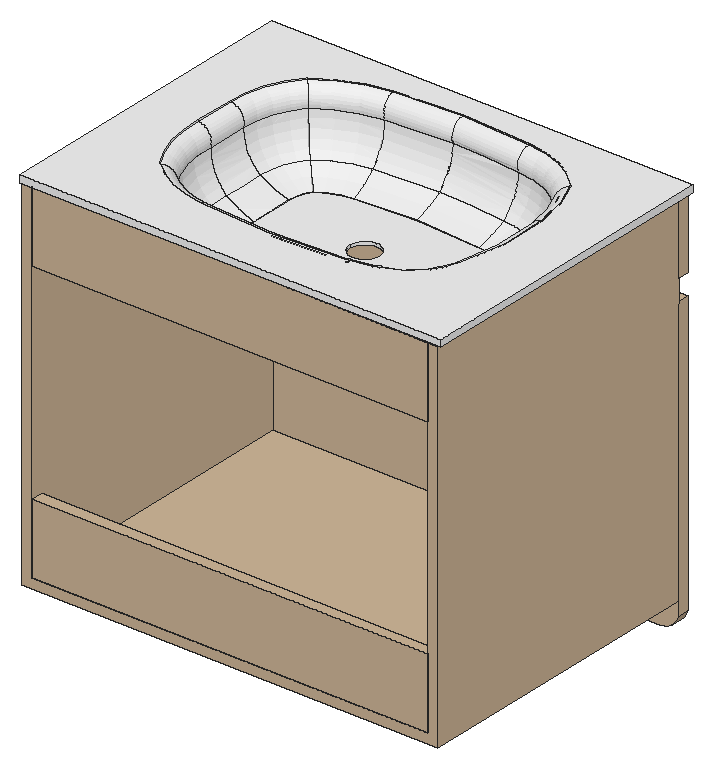
Revit family "614401711_ Mueble Aluvia Miel Elevado 60x45", category Modelos genéricos, Revit 2019
Family settings
  Anfitrión = Muro
  Puede alojar armadura = No
  Cota de conector redondo = Diámetro de uso
  Tipo de pieza = Normal
  Número OmniClass = 23.31.13.11
  Título OmniClass = Single Sinks
  Siempre vertical = Sí
  Corte con vacíos al cargar = No
  Compartido = No
  Punto de cálculo de habitación = No
Parameters (values of type "Ref. 614401711 Mueble Elevado Aluvia Miel Con Lavamanos.")
  URL = "https://corona.co/productos/muebles-para-banos/mueble-aluvia-elevado/p/614401711"
  Tiempo de Armado = "80 Minutos."  # constant formula
  Textura = "Habano: Poro - Gris: Soft."  # constant formula
  Resistencia al rayado = "700 ciclos."  # constant formula
  Resistencia a la humedad = "8%."  # constant formula
  Profundidad = 445 mm
  Peso Neto aprox = "26,0 lb (11,8 kg)."  # constant formula
  Peso Bruto aprox = "27,8 lb (12,6 kg)."  # constant formula
  Material Piezas interiores = Corona_Madera_Aglomerada_Plomo
  Material = Corona_Madera_Aglomerada_Miel
  Fabricante = "Corona"  # constant formula
  Garantía Madera = "1 año"  # constant formula
  Garantía Herrajes = "1 año"  # constant formula
  Fecha de creación = "22/07/2020"  # constant formula
  Dimensiones Generales (H* W * P) = "21,85” x 23,46” x 17,52” (555 x 596 x 445 mm)."  # constant formula
  Descripción = "La línea ALUVIA viene a entregar de manera asequible una solución perfecta que combina\r\ndiseño y funcionalidad, ALUVIA se inspira en el movimiento y caída del agua en la\r\nnaturaleza, es por ello de sus formas orgánicas donde podemos obtener un producto\r\ncompacto y de líneas fluidas, que se adapta en espacios pequeños.\r\nEl principal beneficio de los muebles de esta línea es ser un producto compacto que brinda\r\nal consumidor máxima capacidad de almacenamiento e ideal para espacios pequeños.\r\n· Mueble compacto para espacios medianos.\r\n· Lavamanos 100% en porcelana.\r\n· Grán capacidad de almacenamiento.\r\n· Resistentes a la Humedad."  # constant formula
  Densidad = "15mm 670 kg./m^3."  # constant formula
  Creado por = "IDD"  # constant formula
  Carga Máxima = "110,2 lb (50 kg)."  # constant formula
  Canto = "PVC rígido 2 mm de calibre.\r\nPVC Flexible 0,5 mm de calibre."  # constant formula
  Ancho = 595 mm
  Alto = 850 mm
Types (2, lengths in mm): name | URL | Material
  Ref. 614401711 Mueble Elevado Aluvia Miel Con Lavamanos. | "https://corona.co/productos/muebles-para-banos/mueble-aluvia-elevado/p/614401711" | Corona_Madera_Aglomerada_Miel
  Ref. 614406091 Mueble Elevado Aluvia Habano Con Lavamanos. | "https://corona.co/productos/muebles-para-banos/mueble-aluvia-a-piso/p/604406091" | Corona_Madera_Aglomerada_Habano
Reference planes
  plane 1 "Wall": y = 0
  plane 2 "Center (Left/Right)": x = 125
  plane 3 "Back": y = 75
  plane 4: y = 520
  plane 5: x = -172.5
  plane 6: x = 422.5
  plane 7: z = 850
  plane 8: z = 749
  plane 9: z = 719
  plane 10: y = 505
  plane 11: z = 295
  plane 12: x = 407.5
  plane 13: x = -157.5
  plane 14: y = 495
  plane 15: y = 170
  plane 16: y = 155
  plane 17: x = 392.5
  plane 18: x = -142.5
  plane 19: x = -127.5
  plane 20: x = 377.5
  plane 21: x = 185
  plane 22: x = 65
  plane 23: z = 336
  plane 24: z = 351
Forms (mm)
  Extrusion 1, solid, material "Corona_Madera_Aglomerada_Miel" <- "Material"
    sketch origin (125, 0, 0) x (0, 1, 0) y (0, 0, 1)
      loop
        line (505, 850) -> (505, 749) -> (520, 749) -> (520, 850) -> (505, 850)
    from -297.5 to 297.5
  Extrusion 2, solid, material "Corona_Madera_Aglomerada_Miel" <- "Material"
    sketch origin (0, 0, 0) x (1, 0, 0) y (0, 0, 1)
      loop
        line (422.5, 336) -> (422.5, 850) -> (-172.5, 850) -> (-172.5, 336) -> (422.5, 336)
    from -505 to -75
  Extrusion 3, void
    sketch origin (0, 0, 0) x (1, 0, 0) y (0, 0, 1)
      loop
        line (407.5, 850) -> (-157.5, 850) -> (-157.5, 351) -> (407.5, 351) -> (407.5, 850)
    from -505 to -75
  Extrusion 4, solid, material "Corona_Madera_Aglomerada_Miel" <- "Material"
    sketch origin (125, 0, 0) x (0, 1, 0) y (0, 0, 1)
      loop
        line (90, 850) -> (75, 850) -> (75, 749) -> (90, 749) -> (90, 850)
    from -282.5 to 282.5
  Extrusion 5, solid, material "Corona_Madera_Aglomerada_Miel" <- "Material"
    sketch origin (125, 0, -448) x (0, 1, 0) y (0, 0, 1)
      loop
        line (90, 900) -> (75, 900) -> (75, 799) -> (90, 799) -> (90, 900)
    from -282.5 to 282.5
  Extrusion 6, solid, material "Corona_Madera_Aglomerada_Miel" <- "Material"
    sketch origin (0, 0, 0) x (1, 0, 0) y (0, 0, 1)
      loop
        line (125, 719) -> (125, 295) -> (395.244, 295)
        arc (395.244, 295) -> (412.182, 301.204) -> (422.5, 316) r 30
        line (422.5, 316) -> (422.5, 719) -> (125, 719)
    from -520 to -505
  Extrusion 7, solid, material "Corona_Madera_Aglomerada_Miel" <- "Material"
    sketch origin (250, 0, 0) x (-1, 0, 0) y (0, 0, -1)
      loop
        line (125, -719) -> (422.5, -719) -> (422.5, -316)
        arc (422.5, -316) -> (412.182, -301.204) -> (395.244, -295) r 30
        line (395.244, -295) -> (125, -295) -> (125, -719)
    from -520 to -505
  Extrusion 8, solid, material "Corona_Madera_Aglomerada_Plomo" <- "Material Piezas interiores"
    sketch origin (125, 5, 1167.8) x (0, 0, -1) y (0, 1, 0)
      loop
        line (472.8, 475) -> (472.8, 490) -> (373.8, 490) -> (373.8, 475) -> (472.8, 475)
    from -282.5 to 282.5
  Extrusion 9, solid, material "Corona_Madera_Aglomerada_Miel" <- "Material", detail levels coarse
    sketch origin (0, 0, 0) x (1, 0, 0) y (0, 0, 1)
      loop
        line (-172.5, 850) -> (-172.5, 295) -> (422.5, 295) -> (422.5, 850) -> (-172.5, 850)
    from -520 to -75
Cuts and joins
  Extrusion 3 cuts Extrusion 2
Text (mm)
  text "Placement Side" at (-1848.837, 1116.779, 0), in view "Ref. Level"
  text "Placement side" at (0, 1409.804, 2854.306), in view "Left"
  text "Placement side" at (0, 499.811, 2980.732), in view "Right"
Dimensions and locks
  locked: plane 3 "Back" to host wall
  equal spacing: plane 5, plane 2 "Center (Left/Right)", plane 6
  "Ancho": plane 5 to plane 6
  "Profundidad": plane 3 "Back" to plane 4
  "Alto": level to plane 7
  plane 8 to plane 7 = 101 mm
  plane 7 to level = 850 mm  (x2)
  plane 7 to plane 8 = 101 mm  (x2)
  plane 4 to host wall = 445 mm
  plane 4 to plane 10 = 15 mm
  plane 10 to plane 15 = 335 mm
  plane 10 to plane 16 = 350 mm
  plane 6 to plane 5 = 595 mm
  plane 8 to plane 9 = 30 mm
  host wall to plane 4 = 445 mm
  plane 9 to plane 11 = 424 mm
  plane 11 to plane 9 = 424 mm
  aligned and locked: plane 1 "Wall" to host wall
  aligned and locked: plane 8 to Extrusion 1 sketch curve
  aligned and locked: Extrusion 1 sketch curve to plane 4
  aligned and locked: Extrusion 2 sketch curve to plane 7
  aligned and locked: Extrusion 2 sketch curve to Extrusion 1
  aligned and locked: plane 6 to Extrusion 2 sketch curve
  aligned and locked: Extrusion 3 sketch curve to Extrusion 1
  aligned and locked: plane 13 to Extrusion 3 sketch curve
  aligned and locked: Extrusion 3 sketch curve to plane 12
  aligned and locked: plane 10 to Extrusion 3
  aligned and locked: Extrusion 3 to host wall
  aligned and locked: Extrusion 4 sketch curve to plane 8
  aligned and locked: plane 7 to Extrusion 4 sketch curve
  aligned and locked: Extrusion 4 sketch curve to host wall
  aligned and locked: Extrusion 4 to plane 13
  aligned and locked: plane 12 to Extrusion 4
  aligned and locked: Extrusion 5 to host wall
  aligned and locked: Extrusion 5 to plane 13
  aligned and locked: plane 12 to Extrusion 5
  aligned and locked: plane 2 "Center (Left/Right)" to Extrusion 6 sketch curve
  aligned and locked: Extrusion 6 sketch curve to plane 6
  aligned and locked: Extrusion 7 sketch curve to plane 2 "Center (Left/Right)"
  aligned and locked: plane 5 to Extrusion 7 sketch curve
  aligned and locked: plane 4 to Extrusion 7
  aligned and locked: Extrusion 7 to plane 10
  aligned and locked: plane 4 to Extrusion 6
  aligned and locked: Extrusion 6 to plane 10
  aligned and locked: plane 14 to Extrusion 8
  aligned and locked: Extrusion 9 sketch curve to Extrusion 1
  aligned and locked: Extrusion 9 sketch curve to plane 6
  aligned and locked: Extrusion 6 to plane 11
  aligned and locked: Extrusion 7 to Extrusion 6
  aligned and locked: Extrusion 7 to plane 11
  aligned and locked: plane 3 "Back" to Extrusion 5
  aligned and locked: plane 9 to Extrusion 6
  aligned and locked: plane 9 to Extrusion 7
  aligned and locked: Extrusion 3 to plane 24
  aligned and locked: Extrusion 5 to cut or joined group of Extrusion 2, Extrusion 3
  aligned and locked: Extrusion 9 to Extrusion 6
Automatic sketch dimensions
  Extrusion 1 sketch curve to plane 7 = 0 mm
  Extrusion 1 sketch curve to plane 10 = 0 mm
  Extrusion 4 sketch curve to Extrusion 4 sketch curve = 15 mm
  Extrusion 5 sketch curve to host wall = 0 mm
  host wall to Extrusion 5 sketch curve = 15 mm
  Extrusion 5 sketch curve to Extrusion 5 sketch curve = 101 mm
  Extrusion 8 sketch curve to plane 14 = 0 mm
  plane 8 to Extrusion 8 sketch curve = 45 mm
  Extrusion 8 sketch curve to plane 14 = 15 mm
  level to Extrusion 3 sketch curve = 351 mm
  level to Extrusion 5 sketch curve = 351 mm
  Extrusion 6 sketch curve to plane 11 = 0 mm
  plane 17 to Extrusion 6 sketch curve = 1.372 mm
  plane 17 to Extrusion 6 sketch curve = 2.744 mm
  plane 11 to Extrusion 6 sketch curve = 21 mm
  Extrusion 7 sketch curve to plane 11 = 0 mm
  plane 18 to Extrusion 7 sketch curve = 1.372 mm
  plane 18 to Extrusion 7 sketch curve = 2.744 mm
  Extrusion 7 sketch curve to plane 11 = 21 mm
  level to Extrusion 9 sketch curve = 295 mm
  Extrusion 9 sketch curve to plane 5 = 0 mm
  plane 11 to Extrusion 2 sketch curve = 41 mm
  Extrusion 6 sketch curve to plane 9 = 0 mm
  Extrusion 7 sketch curve to plane 9 = 0 mm
  Extrusion 8 sketch curve to plane 9 = 24 mm
Nested families
  nested 1: "Family3" at (125, 520, 0) x (-1, 0, 0) z (0, 0, 1), type "Family3"
  nested 2: "Family6" at (125.426, 525, 860) x (-1, 0, 0) z (0, 0, 1), type "Family6", detail levels medium+fine
  nested 3: "Family2" at (125, 75, 0) x (0, -1, 0) z (1, 0, 0), type "Family2"
  nested 4: "Familia4" at (125.128, 0, -3.208) x (1, 0, 0) z (0, -1, 0), type "Familia4"
Definition of nested family "Family6"
  Parameters (values of type "Family6")
    Material = none
    Manufacturer = "Corona"  # constant formula
    Fecha de creación = "21/07/2020"  # constant formula
    Creado por = "IDD"  # constant formula
    Alto = 124 mm
  Reference planes
    plane 1 "Center (Front/Back)": y = 0
    plane 2: z = 0
    plane 3 "Center (Left/Right)": x = 0
    plane 4: z = -124
    plane 5: x = -300
    plane 6: x = 300
    plane 7 "Center L/S": y = 450
  Forms (mm)
    Sweep 1, solid, material <- "Material"
      path origin (0, 0, 0) x (1, 0, 0) y (0, 1, 0)
        loop
          arc (-100.824, 374.741) -> (-137.716, 367.149) -> (-172.547, 352.814) r 201.216
          arc (-172.547, 352.814) -> (-194.245, 329.514) -> (-207.72, 300.667) r 102.196
          arc (-207.72, 300.667) -> (-220.123, 233.995) -> (-219.486, 166.181) r 351.33
          arc (-219.486, 166.181) -> (-210.946, 124.35) -> (-194.634, 84.895) r 224.286
          arc (-194.634, 84.895) -> (-151.333, 53.53) -> (-99.472, 40.52) r 141.159
          arc (-99.472, 40.52) -> (-49.817, 36.305) -> (0, 35.018) r 846.884
          arc (0, 35.018) -> (47.71, 36.535) -> (95.26, 40.738) r 846.884
          arc (95.26, 40.738) -> (144.14, 53.228) -> (187.978, 78.199) r 189.075
          arc (187.978, 78.199) -> (213.947, 121.956) -> (222.18, 172.168) r 137.177
          arc (222.18, 172.168) -> (221.915, 200.672) -> (222.488, 229.171) r 968.579
          arc (222.488, 229.171) -> (216.892, 283.034) -> (194.807, 332.48) r 171.794
          arc (194.807, 332.48) -> (152.978, 361.088) -> (104.176, 374.741) r 155.624
          arc (104.176, 374.741) -> (1.676, 380.346) -> (-100.824, 374.741) r 940.142
      profile origin (1.676, 380.346, 0) x (0, 1, 0) y (0, 0, 1)
        loop
          line (0, -5) -> (0, -0.962)
          arc (0, -0.962) -> (-15.38, -10.48) -> (-18.203, -28.345) r 21.695
          arc (-18.203, -28.345) -> (-24.212, -57.146) -> (-41.685, -80.817) r 68.918
          arc (-41.685, -80.817) -> (-61.172, -91.456) -> (-82.071, -98.946) r 142.834
          line (-82.071, -98.946) -> (-82.071, -103.088)
          arc (-82.071, -103.088) -> (-59.902, -95.27) -> (-39.265, -84.014) r 146.834
          arc (-39.265, -84.014) -> (-20.504, -58.653) -> (-14.21, -27.741) r 72.918
          arc (-14.21, -27.741) -> (-12.319, -13.113) -> (0, -5) r 17.695
    Extrusion 2, solid, material <- "Material"
      sketch origin (0, 0, 0) x (1, 0, 0) y (0, 1, 0)
        loop
          line (-300, 450) -> (-300, 0) -> (300, 0) -> (300, 450) -> (-300, 450)
        loop
          arc (-100.824, 374.741) -> (-137.716, 367.149) -> (-172.547, 352.814) r 201.216
          arc (-172.547, 352.814) -> (-194.245, 329.514) -> (-207.72, 300.667) r 102.196
          arc (-207.72, 300.667) -> (-220.123, 233.995) -> (-219.486, 166.181) r 351.33
          arc (-219.486, 166.181) -> (-210.946, 124.35) -> (-194.634, 84.895) r 224.286
          arc (-194.634, 84.895) -> (-151.333, 53.53) -> (-99.472, 40.52) r 141.159
          arc (-99.472, 40.52) -> (-49.817, 36.305) -> (0, 35.018) r 846.884
          arc (0, 35.018) -> (47.71, 36.535) -> (95.26, 40.738) r 846.884
          arc (95.26, 40.738) -> (144.14, 53.228) -> (187.978, 78.199) r 189.075
          arc (187.978, 78.199) -> (213.947, 121.956) -> (222.18, 172.168) r 137.177
          arc (222.18, 172.168) -> (221.915, 200.672) -> (222.488, 229.171) r 968.579
          arc (222.488, 229.171) -> (216.892, 283.034) -> (194.807, 332.48) r 171.794
          arc (194.807, 332.48) -> (152.978, 361.088) -> (104.176, 374.741) r 155.624
          arc (104.176, 374.741) -> (1.676, 380.346) -> (-100.824, 374.741) r 940.142
      from -10 to 0
    Extrusion 3, solid, material <- "Material"
      sketch origin (0, 0, 0) x (1, 0, 0) y (0, 1, 0)
        loop
          arc (-91.876, 293.16) -> (-109.142, 289.964) -> (-125.751, 284.266) r 119.145
          arc (-125.751, 284.266) -> (-127.584, 281.24) -> (-128.859, 277.94) r 20.125
          arc (-128.859, 277.94) -> (-138.365, 226.842) -> (-137.876, 174.869) r 269.259
          arc (-137.876, 174.869) -> (-134.125, 154.238) -> (-127.381, 134.383) r 142.215
          arc (-127.381, 134.383) -> (-111.13, 125.67) -> (-92.984, 122.39) r 59.088
          arc (-92.984, 122.39) -> (-46.72, 118.332) -> (-0.295, 117.089) r 764.813
          arc (-0.295, 117.089) -> (42.792, 118.459) -> (85.733, 122.254) r 764.813
          arc (85.733, 122.254) -> (109.251, 127.747) -> (130.939, 138.375) r 107.004
          arc (130.939, 138.375) -> (137.984, 153.579) -> (140.133, 170.197) r 55.106
          arc (140.133, 170.197) -> (139.848, 201.598) -> (140.501, 232.993) r 1050.65
          arc (140.501, 232.993) -> (138.82, 256.718) -> (130.965, 279.167) r 89.723
          arc (130.965, 279.167) -> (114.025, 288.535) -> (95.228, 293.16) r 73.553
          arc (95.228, 293.16) -> (1.676, 298.275) -> (-91.876, 293.16) r 858.071
        loop
          circle (1.676, 207.687) r 21.5
      from -103.088 to -98.946
  Dimensions and locks
    aligned and locked: level to plane 2
    aligned and locked: level to Extrusion 2
Definition of nested family "Family3"
  Reference planes
    plane 1 "Center (Front/Back)": y = 0
    plane 2: z = 0
    plane 3 "Center (Left/Right)": x = 0
  Lines and regions (mm)
    detail lines, in view "Ref. Level"
      curve 1: line (-297.5, 445, 0) -> (297.5, 445, 0)
      curve 2: line (297.5, 445, 0) -> (297.5, 0, 0)
      curve 3: line (297.5, 0, 0) -> (-297.5, 0, 0)
      curve 4: line (-297.5, 0, 0) -> (-297.5, 445, 0)
      curve 5: line (-282.5, 430, 0) -> (282.5, 430, 0)
      curve 6: line (297.5, 15, 0) -> (-297.5, 15, 0)
      curve 7: line (282.5, 445, 0) -> (282.5, 15, 0)
      curve 8: line (-282.5, 15, 0) -> (-282.5, 445, 0)
      curve 9: line (267.5, 365, 0) -> (267.5, 15, 0)
      curve 10: line (252.5, 350, 0) -> (252.5, 15, 0)
      curve 11: line (-267.5, 365, 0) -> (-267.5, 15, 0)
      curve 12: line (-252.5, 350, 0) -> (-252.5, 15, 0)
      curve 13: line (267.5, 365, 0) -> (-267.5, 365, 0)
      curve 14: line (267.5, 350, 0) -> (-267.5, 350, 0)
      curve 15: line (60, 163.319, 0) -> (60, 365, 0)
      curve 16: line (-60, 163.319, 0) -> (-60, 365, 0)
      curve 17: line (282.5, 25, 0) -> (-282.5, 25, 0)
      curve 18: line (282.5, 40, 0) -> (-282.5, 40, 0)
      curve 19: arc (-60, 166, 0) -> (0, 106, 0) -> (60, 166, 0) r 60
      curve 20: line (-217.5, 365, 0) -> (-282.5, 365, 0)
      curve 21: line (-217.5, 430, 0) -> (-217.5, 365, 0)
      curve 22: line (-282.5, 365, 0) -> (-282.5, 430, 0)
      curve 23: line (-282.5, 430, 0) -> (-217.5, 430, 0)
      curve 24: line (217.5, 430, 0) -> (217.5, 365, 0)
      curve 25: line (217.5, 365, 0) -> (282.5, 365, 0)
      curve 26: line (282.5, 430, 0) -> (282.5, 365, 0)
      curve 27: line (282.5, 430, 0) -> (217.5, 430, 0)
      curve 28: line (-217.5, 90, 0) -> (-282.5, 90, 0)
      curve 29: line (-217.5, 25, 0) -> (-217.5, 90, 0)
      curve 30: line (-282.5, 90, 0) -> (-282.5, 25, 0)
      curve 31: line (-282.5, 25, 0) -> (-217.5, 25, 0)
      curve 32: line (217.5, 25, 0) -> (217.5, 90, 0)
      curve 33: line (217.5, 90, 0) -> (282.5, 90, 0)
      curve 34: line (282.5, 25, 0) -> (282.5, 90, 0)
      curve 35: line (282.5, 25, 0) -> (217.5, 25, 0)
      curve 36: arc (-275, 397.5, 0) -> (-250, 372.5, 0) -> (-225, 397.5, 0) r 25
      curve 37: arc (-225, 397.5, 0) -> (-250, 422.5, 0) -> (-275, 397.5, 0) r 25
      curve 38: arc (225, 397.5, 0) -> (250, 372.5, 0) -> (275, 397.5, 0) r 25
      curve 39: arc (275, 397.5, 0) -> (250, 422.5, 0) -> (225, 397.5, 0) r 25
      curve 40: arc (-275, 57.5, 0) -> (-250, 82.5, 0) -> (-225, 57.5, 0) r 25
      curve 41: arc (-225, 57.5, 0) -> (-250, 32.5, 0) -> (-275, 57.5, 0) r 25
      curve 42: arc (225, 57.5, 0) -> (250, 82.5, 0) -> (275, 57.5, 0) r 25
      curve 43: arc (275, 57.5, 0) -> (250, 32.5, 0) -> (225, 57.5, 0) r 25
Definition of nested family "Family2"
  Reference planes
    plane 1 "Center (Front/Back)": y = 0
    plane 2: z = 0
    plane 3 "Center (Left/Right)": x = 0
  Lines and regions (mm)
    detail lines, in view "Ref. Level"
      curve 1: line (-445, 850, 0) -> (0, 850, 0)
      curve 2: line (0, 850, 0) -> (0, 749, 0)
      curve 3: line (0, 749, 0) -> (0, 719, 0)
      curve 4: line (0, 719, 0) -> (0, 336, 0)
      curve 5: line (-430, 295, 0) -> (-445, 295, 0)
      curve 6: line (-430, 295, 0) -> (-430, 850, 0)
      curve 7: line (-445, 719, 0) -> (-430, 719, 0)
      curve 8: line (-445, 749, 0) -> (-430, 749, 0)
      curve 9: line (-445, 749, 0) -> (-445, 850, 0)
      curve 10: line (-445, 719, 0) -> (-445, 295, 0)
      curve 11: line (-430, 336, 0) -> (0, 336, 0)
      curve 12: line (-430, 351, 0) -> (0, 351, 0)
Definition of nested family "Familia4"
  Reference planes
    plane 1 "Center (Front/Back)": y = 0
    plane 2: z = 0
    plane 3 "Center (Left/Right)": x = 0
  Lines and regions (mm)
    detail lines, in view "Ref. Level"
      curve 1: line (296.14, 752.208, 0) -> (-296.396, 752.208, 0)
      curve 2: line (-296.396, 853.208, 0) -> (-296.396, 318.208, 0)
      curve 3: line (-296.396, 722.208, 0) -> (296.14, 722.208, 0)
      curve 4: line (296.14, 853.208, 0) -> (296.14, 318.208, 0)
      curve 5: line (276.14, 298.208, 0) -> (-276.396, 298.208, 0)
      curve 6: line (-281.396, 752.208, 0) -> (-281.396, 722.208, 0)
      curve 7: line (281.14, 752.208, 0) -> (281.14, 722.208, 0)
      curve 8: arc (-296.396, 318.208, 0) -> (-288.901, 305.703, 0) -> (-276.396, 298.208, 0) r 30
      curve 9: arc (296.14, 318.208, 0) -> (288.645, 305.703, 0) -> (276.14, 298.208, 0) r 30
      curve 10: line (-296.396, 853.208, 0) -> (296.14, 853.208, 0)
      curve 11: line (-296.396, 853.208, 0) -> (296.14, 853.208, 0)
      curve 12: line (-0.128, 722.208, 0) -> (-0.128, 298.208, 0)
